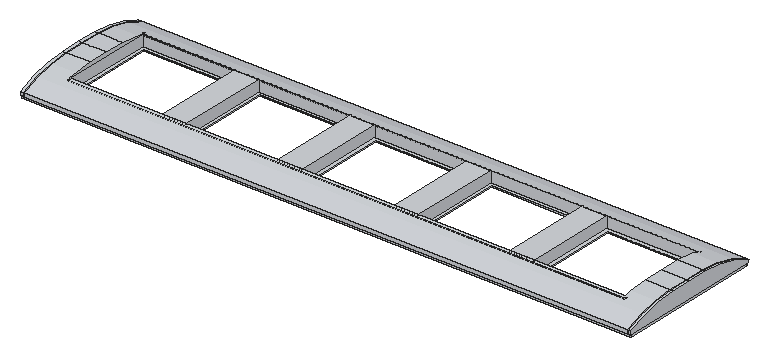
Revit family "Gira_0215328", category Electrical Fixtures, host Face, Revit 2017
Family settings
  Host = Face
  Maintain Annotation Orientation = No
  Round Connector Dimension = Use Diameter
  Part Type = Normal
  Cut with Voids When Loaded = No
  Shared = No
  Room Calculation Point = No
Parameters (values of type "Abdeckrahmen 5f Zwischenr. RW Gira Event Anthrazit")
  Werkstoffgüte = "Thermoplast"
  Werkstoff = "Kunststoff"
  URL = "http://katalog.gira.de/de_DE/datenblatt.html?artikelnr=0215328"
  Transparent = "No"
  Textfeld/Beschriftungsfläche = "No"
  Schutzart (IP) = "IP20"
  Region = "DE"
  Oberfläche = "sonstige"
  Name = "Abdeckrahmen 5f Zwischenr. RW Gira Event Anthrazit"
  Montagerichtung = "horizontal und vertikal"
  Mit Montagerahmen = "No"
  Mit Klappdeckel = "No"
  Manufacturer URL = "https://www.gira.de/"
  Keynote = "Event_Rahmen_5fach"
  HeinzeBIM = "https://bimportal.heinze.de/bim/abdeckrahmen-5f-zwischenr-rw-gira-event-anthrazit/0303c418b8233db1a65a01bfcd8548a6c2cbabb1"
  Halogenfrei = "Yes"
  HAN = "0215328"
  Geeignet für Unterputz-Installation = "Yes"
  Geeignet für Unterflurkanaldose = "No"
  Geeignet für Geräteeinbaukanal = "No"
  Geeignet für Einbauinstallation = "No"
  GTIN = "4010337074298"
  Farbe = "anthrazit"
  Default Elevation = 1219.2 mm
  Data sheet (1) = "https://katalog.gira.de/de_DE/download.html?artikelnr=0215328"
  Category = "Abdeckrahmen"
  Befestigungsart = "Klemmbefestigung"
  Available = "Yes"
  Anzahl der Einheiten vertikal = "5 "
  Anzahl der Einheiten horizontal = "5 "
  Anzahl der Einheiten = "5 "
Reference planes
  plane 1 "Center (Front/Back)": y = 0
  plane 2: z = 0
  plane 3 "Center (Left/Right)": x = 0
Forms (mm)
  Extrusion 1, solid, detail levels fine
    sketch origin (0, 0, 0.05) x (0, 1, 0) y (0, 0, 1)
      loop
        arc (12.445, 9.683) -> (6.223, 9.833) -> (0, 9.85) r 291.636
        arc (0, 9.85) -> (-6.223, 9.833) -> (-12.445, 9.683) r 291.636
        arc (-12.445, 9.683) -> (-29.14, 7.482) -> (-45, 1.823) r 79.728
        line (-45, 1.823) -> (-45, -0.05) -> (-42.086, -0.05)
        arc (-42.086, -0.05) -> (-21.385, 5.559) -> (0, 7.206) r 114.424
        arc (0, 7.206) -> (21.385, 5.559) -> (42.086, -0.05) r 114.424
        line (42.086, -0.05) -> (45, -0.05) -> (45, 1.823)
        arc (45, 1.823) -> (29.14, 7.482) -> (12.445, 9.683) r 79.728
    from -185.578 to 185.593
  Extrusion 2, void, detail levels fine
    sketch origin (0, 0, 0) x (1, 0, 0) y (0, 1, 0)
      loop
        line (170.607, 28) -> (-170.593, 28) -> (-170.593, -28) -> (170.607, -28) -> (170.607, 28)
    from 0.724 to 11
  Extrusion 3, solid, detail levels coarse
    sketch origin (0, 0, 0) x (1, 0, 0) y (0, 1, 0)
      loop
        line (-187.578, 45) -> (-187.578, -45) -> (187.593, -45) -> (187.593, 45) -> (-187.578, 45)
    from -1.5 to 9.9
  Extrusion 4, solid, detail levels medium
    sketch origin (0, 0, 0.05) x (0, 1, 0) y (0, 0, 1)
      loop
        arc (12.445, 9.683) -> (6.223, 9.833) -> (0, 9.85) r 291.636
        arc (0, 9.85) -> (-6.223, 9.833) -> (-12.445, 9.683) r 291.636
        arc (-12.445, 9.683) -> (-29.14, 7.482) -> (-45, 1.823) r 79.728
        line (-45, 1.823) -> (-45, -0.05) -> (45, -0.05) -> (45, 1.823)
        arc (45, 1.823) -> (29.14, 7.482) -> (12.445, 9.683) r 79.728
    from -187.578 to 187.593
  Extrusion 5, solid, detail levels fine
    sketch origin (-142.578, 0, -1.5) x (0, 1, 0) y (0, 0, -1)
      loop
        line (45, -3.373) -> (45, -1.5) -> (-45, -1.5) -> (-45, -3.373)
        arc (-45, -3.373) -> (-29.14, -9.032) -> (-12.445, -11.233) r 79.728
        arc (-12.445, -11.233) -> (-6.223, -11.383) -> (0, -11.4) r 291.636
        arc (0, -11.4) -> (6.223, -11.383) -> (12.445, -11.233) r 291.636
        arc (12.445, -11.233) -> (29.14, -9.032) -> (45, -3.373) r 79.728
    from 43 to 45
  Extrusion 6, solid, detail levels fine
    sketch origin (0, 0, 0) x (1, 0, 0) y (0, 1, 0)
      loop
        line (-168.493, 25.7) -> (-168.493, -25.7) -> (-116.693, -25.7) -> (-116.693, 25.7) -> (-168.493, 25.7)
      loop
        line (-45.398, -25.7) -> (-45.398, 25.7) -> (-97.198, 25.7) -> (-97.198, -25.7) -> (-45.398, -25.7)
      loop
        line (-171.487, 28.49) -> (-171.487, -28.495)
        spline (-171.487, -28.495) -> (-171.479, -28.625) -> (-171.453, -28.754) -> (-171.411, -28.878) -> (-171.353, -28.995) -> (-171.281, -29.104) -> (-171.194, -29.202) -> (-171.096, -29.288) -> (-170.987, -29.361) -> (-170.87, -29.419) -> (-170.746, -29.461) -> (-170.618, -29.486) -> (-170.487, -29.495)
        line (-170.487, -29.495) -> (170.502, -29.495)
        spline (170.502, -29.495) -> (170.633, -29.486) -> (170.761, -29.461) -> (170.885, -29.419) -> (171.002, -29.361) -> (171.111, -29.288) -> (171.209, -29.202) -> (171.296, -29.104) -> (171.368, -28.995) -> (171.426, -28.878) -> (171.468, -28.754) -> (171.494, -28.625) -> (171.502, -28.495)
        line (171.502, -28.495) -> (171.502, 28.49)
        spline (171.502, 28.49) -> (171.494, 28.62) -> (171.468, 28.748) -> (171.426, 28.872) -> (171.368, 28.99) -> (171.296, 29.098) -> (171.209, 29.197) -> (171.111, 29.283) -> (171.002, 29.356) -> (170.885, 29.413) -> (170.761, 29.456) -> (170.633, 29.481) -> (170.502, 29.49)
        line (170.502, 29.49) -> (-170.487, 29.49)
        spline (-170.487, 29.49) -> (-170.618, 29.481) -> (-170.746, 29.456) -> (-170.87, 29.413) -> (-170.987, 29.356) -> (-171.096, 29.283) -> (-171.194, 29.197) -> (-171.281, 29.098) -> (-171.353, 28.99) -> (-171.411, 28.872) -> (-171.453, 28.748) -> (-171.479, 28.62) -> (-171.487, 28.49)
      loop
        line (25.902, -25.7) -> (25.902, 25.7) -> (-25.898, 25.7) -> (-25.898, -25.7) -> (25.902, -25.7)
      loop
        line (97.207, -25.7) -> (97.207, 25.7) -> (45.407, 25.7) -> (45.407, -25.7) -> (97.207, -25.7)
      loop
        line (168.507, -25.7) -> (168.507, 25.7) -> (116.707, 25.7) -> (116.707, -25.7) -> (168.507, -25.7)
    from 0.1 to 7.3
  Extrusion 7, solid
    sketch origin (0, 0, 0) x (1, 0, 0) y (0, 1, 0)
      loop
        arc (-187.293, -44.218) -> (-187.146, -44.572) -> (-186.793, -44.718) r 0.5
        line (-186.793, -44.718) -> (186.807, -44.718)
        arc (186.807, -44.718) -> (187.161, -44.572) -> (187.307, -44.218) r 0.5
        line (187.307, -44.218) -> (187.307, 44.182)
        arc (187.307, 44.182) -> (187.161, 44.535) -> (186.807, 44.682) r 0.5
        line (186.807, 44.682) -> (-186.793, 44.682)
        arc (-186.793, 44.682) -> (-187.146, 44.535) -> (-187.293, 44.182) r 0.5
        line (-187.293, 44.182) -> (-187.293, -44.218)
      loop
        line (-185.593, 42.982) -> (-185.593, -43.018) -> (185.607, -43.018) -> (185.607, 42.982) -> (-185.593, 42.982)
    from -1.5 to 0.5
  Extrusion 8, solid, detail levels fine
    sketch origin (142.593, 0, -1.5) x (0, 1, 0) y (0, 0, 1)
      loop
        arc (45, 3.373) -> (29.14, 9.032) -> (12.445, 11.233) r 79.728
        arc (12.445, 11.233) -> (6.223, 11.383) -> (0, 11.4) r 291.636
        arc (0, 11.4) -> (-6.223, 11.383) -> (-12.445, 11.233) r 291.636
        arc (-12.445, 11.233) -> (-29.14, 9.032) -> (-45, 3.373) r 79.728
        line (-45, 3.373) -> (-45, 1.5) -> (45, 1.5) -> (45, 3.373)
    from 43 to 45
  Extrusion 9, solid, detail levels medium
    sketch origin (0, 0, 0) x (1, 0, 0) y (0, 1, 0)
      loop
        line (-187.293, -44.718) -> (187.307, -44.718) -> (187.307, 44.682) -> (-187.293, 44.682) -> (-187.293, -44.718)
    from -1.5 to 0.5
  Extrusion 10, solid, detail levels fine
    sketch origin (-105.5, 0, 0) x (1, 0, 0) y (0, 1, 0)
      loop
        line (-8.943, 28.063) -> (-8.943, -27.937) -> (6.057, -27.937) -> (6.057, 28.063) -> (-8.943, 28.063)
    from 0.724 to 7.566
  Extrusion 11, solid, detail levels fine
    sketch origin (-37.085, 0, 0) x (-1, 0, 0) y (0, -1, 0)
      loop
        line (-8.943, -28.063) -> (6.057, -28.063) -> (6.057, 27.937) -> (-8.943, 27.937) -> (-8.943, -28.063)
    from 0.724 to 7.566
  Extrusion 12, solid, detail levels fine
    sketch origin (105.5, 0, 0) x (-1, 0, 0) y (0, -1, 0)
      loop
        line (-8.943, -28.063) -> (6.057, -28.063) -> (6.057, 27.937) -> (-8.943, 27.937) -> (-8.943, -28.063)
    from 0.724 to 7.566
  Extrusion 13, solid, detail levels fine
    sketch origin (37.085, 0, 0) x (1, 0, 0) y (0, 1, 0)
      loop
        line (-8.943, 28.063) -> (-8.943, -27.937) -> (6.057, -27.937) -> (6.057, 28.063) -> (-8.943, 28.063)
    from 0.724 to 7.566
Cuts and joins
  Extrusion 2 cuts Extrusion 1
  Extrusion 2 cuts Extrusion 6
Dimensions and locks
  aligned and locked: plane 2 to host face
  aligned and locked: level to host face
